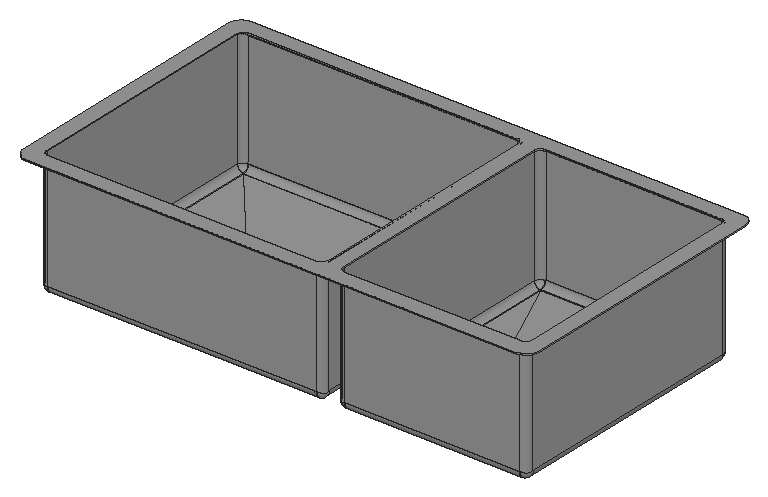
Revit family "BUILDMAT-SNGD015-Lincoln-825-Brass-Gold", category Plumbing Fixtures, host Face, Revit 2020
Family settings
  Host = Face
  Round Connector Dimension = Use Diameter
  Part Type = Normal
  Cut with Voids When Loaded = No
  Shared = No
  Room Calculation Point = No
Parameters (values of type "Lincoln 825x450x205mm")
  Width 2 = 300.0 mm
  Width 1 = 450.0 mm
  Undermount [instance] = 20.0 mm
  URL = "https://www.buildmat.com.au/products/825x450x205-single-3qtr-bowl-sink"
  Sound Pad 2 = yes
  Sound Pad 1 = yes
  Model = "SN101015"  # constant formula
  Manufacturer URL = "https://www.buildmat.com.au/"
  Manufacturer = "BUILDMAT"  # constant formula
  Length = 400.0 mm
  Gap = 25.0 mm
  Drain Sound Pad 2 = yes
  Drain Sound Pad 1 = yes
  Description = "BUILDMAT - Lincoln 825x450 Single & 3/4 Bowl Sink"  # constant formula
  Depth = 205.0 mm
  Default Elevation = 1200.0 mm
  D. S. Pad 2 = 230.0 mm
  D. S. Pad 1 = 230.0 mm
  D. Bracket 4 = 100.0 mm
  D. Bracket 3 = 25.0 mm
  D. Bracket 2 = 30.0 mm
  D. Bracket 1 = 100.0 mm
  Created By URL = "https://www.buildmat.com.au/"
  Created By = "BUILDMAT"  # constant formula
  Created = "22.06.2022"  # constant formula
  Bracket 4 = yes
  Bracket 3 = no
  Bracket 2 = yes
  Bracket 1 = yes
  Material = BUILDMAT Brass Gold
Reference planes
  plane 1 "Center (Front/Back)": y = 0
  plane 2: z = 0
  plane 3 "Center (Left/Right)": x = 0
  plane 4: x = -12.5
  plane 5: x = 12.5
  plane 6: x = -462.5
  plane 7: x = 312.5
  plane 8: y = -200
  plane 9: y = 200
  plane 10: x = -487.5
  plane 11: x = 337.5
  plane 12: y = -225
  plane 13: y = 225
  plane 14: x = 162.5
  plane 15: x = -237.5
  plane 16: y = 190
  plane 17: y = -190
  plane 18: x = -452.5
  plane 19: x = -22.5
  plane 20: x = 22.5
  plane 21: x = 302.5
  plane 22: y = 201.5
  plane 23: y = -201.5
  plane 24: x = -464
  plane 25: x = -11
  plane 26: x = 11
  plane 27: x = 314
  plane 28: x = -294.5
  plane 29: x = -180.5
  plane 30: x = -192.5
  plane 31: x = -282.5
  plane 32: x = 105.5
  plane 33: x = 117.5
  plane 34: x = 207.5
  plane 35: x = 219.5
  plane 36 "Sound Pad 1": x = -232.5
  plane 37 "Sound Pad 2": x = 82.5
  plane 38 "Top Substrate": z = -20
  plane 39: z = -18.5
  plane 40 "Bottom Void": z = -225
  plane 41: z = -215
  plane 42: z = -205
  plane 43: z = -220
  plane 44: z = -221.481
  plane 45: z = -216.5
  plane 46 "Sound Pad": z = -125
  plane 47 "Bracket 1": x = -362.5
  plane 48 "Bracket 2": x = -42.5
  plane 49 "Bracket 3": x = 37.5
  plane 50 "Bracket 4": x = 212.5
  plane 51: y = 100
  plane 52: y = -100
  plane 53: x = -337.5
  plane 54: x = -137.5
  plane 55: x = 62.5
  plane 56: x = 262.5
  plane 57: z = -185
  plane 58: z = -165
Forms (mm)
  Extrusion 1, void
    sketch origin (0, 0, 0) x (1, 0, 0) y (0, 1, 0)
      loop
        arc (-452.5, 200) -> (-459.571, 197.071) -> (-462.5, 190) r 10
        line (-462.5, 190) -> (-462.5, -190)
        arc (-462.5, -190) -> (-459.571, -197.071) -> (-452.5, -200) r 10
        line (-452.5, -200) -> (302.5, -200)
        arc (302.5, -200) -> (309.571, -197.071) -> (312.5, -190) r 10
        line (312.5, -190) -> (312.5, 190)
        arc (312.5, 190) -> (309.571, 197.071) -> (302.5, 200) r 10
        line (302.5, 200) -> (-452.5, 200)
    from 0 to -18.5
  Extrusion 2, void
    sketch origin (0, 0, 0) x (1, 0, 0) y (0, 1, 0)
      loop
        arc (-467.5, 225) -> (-481.642, 219.142) -> (-487.5, 205) r 20
        line (-487.5, 205) -> (-487.5, -205)
        arc (-487.5, -205) -> (-481.642, -219.142) -> (-467.5, -225) r 20
        line (-467.5, -225) -> (317.5, -225)
        arc (317.5, -225) -> (331.642, -219.142) -> (337.5, -205) r 20
        line (337.5, -205) -> (337.5, 205)
        arc (337.5, 205) -> (331.642, 219.142) -> (317.5, 225) r 20
        line (317.5, 225) -> (-467.5, 225)
    from -20 to -18.5
  Extrusion 3, void
    sketch origin (0, 0, 0) x (1, 0, 0) y (0, 1, 0)
      loop
        line (-464, 201.5) -> (-464, -201.5) -> (314, -201.5) -> (314, 201.5) -> (-464, 201.5)
    from -225 to -20
  Extrusion 4, solid, material "BUILDMAT Brass Gold" <- "Material"
    sketch origin (0, 0, -20) x (-1, 0, 0) y (0, -1, 0)
      loop
        arc (467.5, -225) -> (481.642, -219.142) -> (487.5, -205) r 20
        line (487.5, -205) -> (487.5, 205)
        arc (487.5, 205) -> (481.642, 219.142) -> (467.5, 225) r 20
        line (467.5, 225) -> (-317.5, 225)
        arc (-317.5, 225) -> (-331.642, 219.142) -> (-337.5, 205) r 20
        line (-337.5, 205) -> (-337.5, -205)
        arc (-337.5, -205) -> (-331.642, -219.142) -> (-317.5, -225) r 20
        line (-317.5, -225) -> (467.5, -225)
      loop
        arc (452.5, -200) -> (459.571, -197.071) -> (462.5, -190) r 10
        line (462.5, -190) -> (462.5, 190)
        arc (462.5, 190) -> (459.571, 197.071) -> (452.5, 200) r 10
        line (452.5, 200) -> (22.5, 200)
        arc (22.5, 200) -> (15.429, 197.071) -> (12.5, 190) r 10
        line (12.5, 190) -> (12.5, -190)
        arc (12.5, -190) -> (15.429, -197.071) -> (22.5, -200) r 10
        line (22.5, -200) -> (452.5, -200)
      loop
        line (-12.5, -190) -> (-12.5, 190)
        arc (-12.5, 190) -> (-15.429, 197.071) -> (-22.5, 200) r 10
        line (-22.5, 200) -> (-302.5, 200)
        arc (-302.5, 200) -> (-309.571, 197.071) -> (-312.5, 190) r 10
        line (-312.5, 190) -> (-312.5, -190)
        arc (-312.5, -190) -> (-309.571, -197.071) -> (-302.5, -200) r 10
        line (-302.5, -200) -> (-22.5, -200)
        arc (-22.5, -200) -> (-15.429, -197.071) -> (-12.5, -190) r 10
    from 0 to 1.5
  Extrusion 5, solid, material "BUILDMAT Brass Gold" <- "Material"
    sketch origin (0, 0, -20) x (-1, 0, 0) y (0, -1, 0)
      loop
        arc (452.5, -200) -> (459.571, -197.071) -> (462.5, -190) r 10
        line (462.5, -190) -> (462.5, 190)
        arc (462.5, 190) -> (459.571, 197.071) -> (452.5, 200) r 10
        line (452.5, 200) -> (22.5, 200)
        arc (22.5, 200) -> (15.429, 197.071) -> (12.5, 190) r 10
        line (12.5, 190) -> (12.5, -190)
        arc (12.5, -190) -> (15.429, -197.071) -> (22.5, -200) r 10
        line (22.5, -200) -> (452.5, -200)
      loop
        arc (452.5, -201.5) -> (460.632, -198.132) -> (464, -190) r 11.5
        line (464, -190) -> (464, 190)
        arc (464, 190) -> (460.632, 198.132) -> (452.5, 201.5) r 11.5
        line (452.5, 201.5) -> (22.5, 201.5)
        arc (22.5, 201.5) -> (14.368, 198.132) -> (11, 190) r 11.5
        line (11, 190) -> (11, -190)
        arc (11, -190) -> (14.368, -198.132) -> (22.5, -201.5) r 11.5
        line (22.5, -201.5) -> (452.5, -201.5)
    from 0 to -185
  Extrusion 6, solid, material "BUILDMAT Brass Gold" <- "Material"
    sketch origin (0, 0, -20) x (-1, 0, 0) y (0, -1, 0)
      loop
        arc (-22.5, -200) -> (-15.429, -197.071) -> (-12.5, -190) r 10
        line (-12.5, -190) -> (-12.5, 190)
        arc (-12.5, 190) -> (-15.429, 197.071) -> (-22.5, 200) r 10
        line (-22.5, 200) -> (-302.5, 200)
        arc (-302.5, 200) -> (-309.571, 197.071) -> (-312.5, 190) r 10
        line (-312.5, 190) -> (-312.5, -190)
        arc (-312.5, -190) -> (-309.571, -197.071) -> (-302.5, -200) r 10
        line (-302.5, -200) -> (-22.5, -200)
      loop
        line (-11, -190) -> (-11, 190)
        arc (-11, 190) -> (-14.368, 198.132) -> (-22.5, 201.5) r 11.5
        line (-22.5, 201.5) -> (-302.5, 201.5)
        arc (-302.5, 201.5) -> (-310.632, 198.132) -> (-314, 190) r 11.5
        line (-314, 190) -> (-314, -190)
        arc (-314, -190) -> (-310.632, -198.132) -> (-302.5, -201.5) r 11.5
        line (-302.5, -201.5) -> (-22.5, -201.5)
        arc (-22.5, -201.5) -> (-14.368, -198.132) -> (-11, -190) r 11.5
    from 0 to -185
  Extrusion 7, solid, material "BUILDMAT Brass Gold" <- "Material"
    sketch origin (0, 0, 0) x (1, 0, 0) y (0, 0, 1)
      loop
        line (-462.5, -205) -> (-464, -205)
        arc (-464, -205) -> (-460.632, -213.132) -> (-452.5, -216.5) r 11.5
        line (-452.5, -216.5) -> (-452.5, -215)
        arc (-452.5, -215) -> (-459.571, -212.071) -> (-462.5, -205) r 10
    from -190 to 190
  Extrusion 8, solid, material "BUILDMAT Brass Gold" <- "Material"
    sketch origin (0, 0, 0) x (1, 0, 0) y (0, 0, 1)
      loop
        arc (-12.5, -205) -> (-15.429, -212.071) -> (-22.5, -215) r 10
        line (-22.5, -215) -> (-22.5, -216.5)
        arc (-22.5, -216.5) -> (-14.368, -213.132) -> (-11, -205) r 11.5
        line (-11, -205) -> (-12.5, -205)
    from -190 to 190
  Extrusion 9, solid, material "BUILDMAT Brass Gold" <- "Material"
    sketch origin (0, 0, 0) x (1, 0, 0) y (0, 0, 1)
      loop
        line (12.5, -205) -> (11, -205)
        arc (11, -205) -> (14.368, -213.132) -> (22.5, -216.5) r 11.5
        line (22.5, -216.5) -> (22.5, -215)
        arc (22.5, -215) -> (15.429, -212.071) -> (12.5, -205) r 10
    from -190 to 190
  Extrusion 10, solid, material "BUILDMAT Brass Gold" <- "Material"
    sketch origin (0, 0, 0) x (1, 0, 0) y (0, 0, 1)
      loop
        arc (312.5, -205) -> (309.571, -212.071) -> (302.5, -215) r 10
        line (302.5, -215) -> (302.5, -216.5)
        arc (302.5, -216.5) -> (310.632, -213.132) -> (314, -205) r 11.5
        line (314, -205) -> (312.5, -205)
    from -190 to 190
  Extrusion 11, solid, material "BUILDMAT Brass Gold" <- "Material"
    sketch origin (0, 0, 0) x (0, 1, 0) y (0, 0, 1)
      loop
        line (201.5, -205) -> (200, -205)
        arc (200, -205) -> (197.071, -212.071) -> (190, -215) r 10
        line (190, -215) -> (190, -216.5)
        arc (190, -216.5) -> (198.132, -213.132) -> (201.5, -205) r 11.5
    from 22.5 to 302.5
  Extrusion 12, solid, material "BUILDMAT Brass Gold" <- "Material"
    sketch origin (0, 0, 0) x (0, 1, 0) y (0, 0, 1)
      loop
        line (-200, -205) -> (-201.5, -205)
        arc (-201.5, -205) -> (-198.132, -213.132) -> (-190, -216.5) r 11.5
        line (-190, -216.5) -> (-190, -215)
        arc (-190, -215) -> (-197.071, -212.071) -> (-200, -205) r 10
    from 22.5 to 302.5
  Extrusion 13, solid, material "BUILDMAT Brass Gold" <- "Material"
    sketch origin (0, 0, 0) x (0, 1, 0) y (0, 0, 1)
      loop
        arc (200, -205) -> (197.071, -212.071) -> (190, -215) r 10
        line (190, -215) -> (190, -216.5)
        arc (190, -216.5) -> (198.132, -213.132) -> (201.5, -205) r 11.5
        line (201.5, -205) -> (200, -205)
    from -452.5 to -22.5
  Extrusion 14, solid, material "BUILDMAT Brass Gold" <- "Material"
    sketch origin (0, 0, 0) x (0, 1, 0) y (0, 0, 1)
      loop
        line (-200, -205) -> (-201.5, -205)
        arc (-201.5, -205) -> (-198.132, -213.132) -> (-190, -216.5) r 11.5
        line (-190, -216.5) -> (-190, -215)
        arc (-190, -215) -> (-197.071, -212.071) -> (-200, -205) r 10
    from -452.5 to -22.5
  Revolve 15, solid, material "BUILDMAT Brass Gold" <- "Material"
    sketch origin (-423.435, 190, 4000) x (-1, 0, 0) y (0, 0, 1)
      loop
        arc (39.065, -4205) -> (36.136, -4212.071) -> (29.065, -4215) r 10
        line (29.065, -4215) -> (29.065, -4216.5)
        arc (29.065, -4216.5) -> (37.196, -4213.132) -> (40.565, -4205) r 11.5
        line (40.565, -4205) -> (39.065, -4205)
      axis (29.065, -4205) -> (29.065, -4216.5)
    angle from -90 to 0
  Revolve 16, solid, material "BUILDMAT Brass Gold" <- "Material"
    sketch origin (-423.435, 190, 4000) x (-1, 0, 0) y (0, 0, 1)
      loop
        line (-410.935, -4205) -> (-412.435, -4205)
        arc (-412.435, -4205) -> (-409.067, -4213.132) -> (-400.935, -4216.5) r 11.5
        line (-400.935, -4216.5) -> (-400.935, -4215)
        arc (-400.935, -4215) -> (-408.006, -4212.071) -> (-410.935, -4205) r 10
      axis (-400.935, -4205) -> (-400.935, -4216.5)
    angle from -90 to 0
  Revolve 17, solid, material "BUILDMAT Brass Gold" <- "Material"
    sketch origin (-423.435, 190, 4000) x (-1, 0, 0) y (0, 0, 1)
      loop
        arc (-435.935, -4205) -> (-438.864, -4212.071) -> (-445.935, -4215) r 10
        line (-445.935, -4215) -> (-445.935, -4216.5)
        arc (-445.935, -4216.5) -> (-437.804, -4213.132) -> (-434.435, -4205) r 11.5
        line (-434.435, -4205) -> (-435.935, -4205)
      axis (-445.935, -4205) -> (-445.935, -4216.5)
    angle from -90 to 0
  Revolve 18, solid, material "BUILDMAT Brass Gold" <- "Material"
    sketch origin (-423.435, 190, 4000) x (-1, 0, 0) y (0, 0, 1)
      loop
        line (-735.935, -4205) -> (-737.435, -4205)
        arc (-737.435, -4205) -> (-734.067, -4213.132) -> (-725.935, -4216.5) r 11.5
        line (-725.935, -4216.5) -> (-725.935, -4215)
        arc (-725.935, -4215) -> (-733.006, -4212.071) -> (-735.935, -4205) r 10
      axis (-725.935, -4205) -> (-725.935, -4216.5)
    angle from -90 to 0
  Revolve 19, solid, material "BUILDMAT Brass Gold" <- "Material"
    sketch origin (-423.435, -190, 4000) x (-1, 0, 0) y (0, 0, 1)
      loop
        arc (39.065, -4205) -> (36.136, -4212.071) -> (29.065, -4215) r 10
        line (29.065, -4215) -> (29.065, -4216.5)
        arc (29.065, -4216.5) -> (37.196, -4213.132) -> (40.565, -4205) r 11.5
        line (40.565, -4205) -> (39.065, -4205)
      axis (29.065, -4205) -> (29.065, -4216.5)
    angle from 0 to 90
  Revolve 20, solid, material "BUILDMAT Brass Gold" <- "Material"
    sketch origin (-423.435, -190, 4000) x (-1, 0, 0) y (0, 0, 1)
      loop
        arc (-412.435, -4205) -> (-409.067, -4213.132) -> (-400.935, -4216.5) r 11.5
        line (-400.935, -4216.5) -> (-400.935, -4215)
        arc (-400.935, -4215) -> (-408.006, -4212.071) -> (-410.935, -4205) r 10
        line (-410.935, -4205) -> (-412.435, -4205)
      axis (-400.935, -4205) -> (-400.935, -4216.5)
    angle from 0 to 90
  Revolve 21, solid, material "BUILDMAT Brass Gold" <- "Material"
    sketch origin (-423.435, -190, 4000) x (-1, 0, 0) y (0, 0, 1)
      loop
        line (-434.435, -4205) -> (-435.935, -4205)
        arc (-435.935, -4205) -> (-438.864, -4212.071) -> (-445.935, -4215) r 10
        line (-445.935, -4215) -> (-445.935, -4216.5)
        arc (-445.935, -4216.5) -> (-437.804, -4213.132) -> (-434.435, -4205) r 11.5
      axis (-445.935, -4205) -> (-445.935, -4216.5)
    angle from 0 to 90
  Revolve 22, solid, material "BUILDMAT Brass Gold" <- "Material"
    sketch origin (-423.435, -190, 4000) x (-1, 0, 0) y (0, 0, 1)
      loop
        arc (-737.435, -4205) -> (-734.067, -4213.132) -> (-725.935, -4216.5) r 11.5
        line (-725.935, -4216.5) -> (-725.935, -4215)
        arc (-725.935, -4215) -> (-733.006, -4212.071) -> (-735.935, -4205) r 10
        line (-735.935, -4205) -> (-737.435, -4205)
      axis (-725.935, -4205) -> (-725.935, -4216.5)
    angle from 0 to 90
  Extrusion 23, solid, material "BUILDMAT Brass Gold" <- "Material"
    sketch origin (0, 0, -20) x (-1, 0, 0) y (0, -1, 0)
      loop
        line (22.5, -190) -> (452.5, -190) -> (452.5, 190) -> (22.5, 190) -> (22.5, -190)
    from -196.5 to -195
  Extrusion 24, solid, material "BUILDMAT Brass Gold" <- "Material"
    sketch origin (0, 0, -20) x (-1, 0, 0) y (0, -1, 0)
      loop
        line (-22.5, -190) -> (-22.5, 190) -> (-302.5, 190) -> (-302.5, -190) -> (-22.5, -190)
    from -196.5 to -195
  Blend 25, solid, material "BUILDMAT Brass Gold" <- "Material"
    base sketch origin (0, 0, -20) x (-1, 0, 0) y (0, -1, 0)
      loop
        circle (237.5, 0) r 57
    top sketch origin (0, 0, -20) x (-1, 0, 0) y (0, -1, 0)
      loop
        line (452.5, -190) -> (452.5, 190) -> (22.5, 190) -> (22.5, -190) -> (452.5, -190)
    from -201.481 to -196.5
  Blend 26, solid, material "BUILDMAT Brass Gold" <- "Material"
    base sketch origin (0, 0, -20) x (-1, 0, 0) y (0, -1, 0)
      loop
        circle (-162.5, 0) r 57
    top sketch origin (0, 0, -20) x (-1, 0, 0) y (0, -1, 0)
      loop
        line (-22.5, -190) -> (-22.5, 190) -> (-302.5, 190) -> (-302.5, -190) -> (-22.5, -190)
    from -201.481 to -196.5
  Blend 27, void
    base sketch origin (0, 0, -20) x (-1, 0, 0) y (0, -1, 0)
      loop
        circle (237.5, 0) r 57
    top sketch origin (0, 0, -20) x (-1, 0, 0) y (0, -1, 0)
      loop
        line (452.5, -190) -> (452.5, 190) -> (22.5, 190) -> (22.5, -190) -> (452.5, -190)
    from -200 to -195
  Blend 28, void
    base sketch origin (0, 0, -20) x (-1, 0, 0) y (0, -1, 0)
      loop
        circle (-162.5, 0) r 57
    top sketch origin (0, 0, -20) x (-1, 0, 0) y (0, -1, 0)
      loop
        line (-22.5, -190) -> (-22.5, 190) -> (-302.5, 190) -> (-302.5, -190) -> (-22.5, -190)
    from -200 to -195
  Extrusion 29, void
    sketch origin (0, 0, -225) x (-1, 0, 0) y (0, -1, 0)
      loop
        circle (237.5, 0) r 57
    from 0 to 5
  Extrusion 30, void
    sketch origin (0, 0, -225) x (-1, 0, 0) y (0, -1, 0)
      loop
        circle (-162.5, 0) r 57
    from 0 to 5
  Revolve 31, solid, material "BUILDMAT Brass Gold" <- "Material"
    sketch origin (0, 0, 0) x (1, 0, 0) y (0, 0, 1)
      loop
        spline (-294.5, -220) -> (-294.397, -220.653) -> (-294.091, -221.294) -> (-293.587, -221.913) -> (-292.892, -222.5) -> (-292.02, -223.044) -> (-290.985, -223.536) -> (-289.805, -223.967) -> (-288.5, -224.33) -> (-287.092, -224.619) -> (-285.606, -224.83) -> (-284.066, -224.957) -> (-282.5, -225)
        line (-282.5, -225) -> (-282.5, -223.5)
        spline (-282.5, -223.5) -> (-283.871, -223.47) -> (-285.218, -223.381) -> (-286.518, -223.234) -> (-287.75, -223.031) -> (-288.892, -222.777) -> (-289.925, -222.475) -> (-290.83, -222.131) -> (-291.593, -221.75) -> (-292.201, -221.339) -> (-292.642, -220.906) -> (-292.91, -220.457) -> (-293, -220)
        line (-293, -220) -> (-294.5, -220)
      axis (-237.5, -225) -> (-237.5, -220)
    angle from 0 to 360
  Revolve 32, solid, material "BUILDMAT Brass Gold" <- "Material"
    sketch origin (0, 0, 0) x (1, 0, 0) y (0, 0, 1)
      loop
        line (219.5, -220) -> (218, -220)
        spline (218, -220) -> (217.91, -220.457) -> (217.642, -220.906) -> (217.201, -221.339) -> (216.593, -221.75) -> (215.83, -222.131) -> (214.925, -222.475) -> (213.892, -222.777) -> (212.75, -223.031) -> (211.518, -223.234) -> (210.218, -223.381) -> (208.871, -223.47) -> (207.5, -223.5)
        line (207.5, -223.5) -> (207.5, -225)
        spline (207.5, -225) -> (209.066, -224.957) -> (210.606, -224.83) -> (212.092, -224.619) -> (213.5, -224.33) -> (214.805, -223.967) -> (215.985, -223.536) -> (217.02, -223.044) -> (217.892, -222.5) -> (218.587, -221.913) -> (219.091, -221.294) -> (219.397, -220.653) -> (219.5, -220)
      axis (162.5, -220) -> (162.5, -225)
    angle from 0 to 360
Cuts and joins
  Blend 27, Extrusion 29 cuts Extrusion 23
  Blend 27, Extrusion 29 cuts Blend 25
  joined: Extrusion 23, Blend 25
  Blend 28, Extrusion 30 cuts Extrusion 24
  Blend 28, Extrusion 30 cuts Blend 26
  joined: Extrusion 24, Blend 26
Lines and regions (mm)
  Masking region 1
    outline origin (0, 0, 0) x (1, 0, 0) y (0, 0, 1)
      loop
        line (-462.5, -20) -> (-462.5, -205)
        arc (-462.5, -205) -> (-459.791, -211.844) -> (-453.132, -214.98) r 10
        line (-453.132, -214.98) -> (-294.5, -220) -> (-180.5, -220) -> (-22.5, -215)
        arc (-22.5, -215) -> (-15.429, -212.071) -> (-12.5, -205) r 10
        line (-12.5, -205) -> (-12.5, -20) -> (-462.5, -20)
  Masking region 2
    outline origin (0, 0, 0) x (1, 0, 0) y (0, 0, 1)
      loop
        line (12.5, -20) -> (12.5, -205)
        arc (12.5, -205) -> (15.017, -211.633) -> (21.3, -214.928) r 10
        line (21.3, -214.928) -> (105.5, -220) -> (219.5, -220) -> (302.5, -215)
        arc (302.5, -215) -> (309.571, -212.071) -> (312.5, -205) r 10
        line (312.5, -205) -> (312.5, -20) -> (12.5, -20)
  Masking region 3, visible <- "Drain Sound Pad 1"
    outline origin (0, 0, 0) x (1, 0, 0) y (0, 0, 1)
      loop
        line (-294.5, -221.481) -> (-337.5, -220.126) -> (-337.5, -225) -> (-294.5, -225) -> (-294.5, -221.481)
  Masking region 4, visible <- "Drain Sound Pad 1"
    outline origin (0, 0, 0) x (1, 0, 0) y (0, 0, 1)
      loop
        line (-180.5, -221.481) -> (-180.5, -225) -> (-137.5, -225) -> (-137.5, -220.126) -> (-180.5, -221.481)
  Masking region 5, visible <- "Drain Sound Pad 2"
    outline origin (0, 0, 0) x (1, 0, 0) y (0, 0, 1)
      loop
        line (62.5, -218.901) -> (62.5, -225) -> (105.5, -225) -> (105.5, -221.481) -> (62.5, -218.901)
  Masking region 6, visible <- "Drain Sound Pad 2"
    outline origin (0, 0, 0) x (1, 0, 0) y (0, 0, 1)
      loop
        line (262.5, -218.901) -> (219.5, -221.481) -> (219.5, -225) -> (262.5, -225) -> (262.5, -218.901)
  Masking region 7
    outline origin (0, 0, 0) x (1, 0, 0) y (0, 0, 1)
      loop
        line (-11, -165) -> (-11, -185) -> (11, -185) -> (11, -165) -> (-11, -165)
Text (mm)
  text "Refer to www.buildmat.com.au for the most current product literature. \nAllow a +/- 5mm tolerance for dimensions shown in the product literature. \nPlease note product details are subject to change due to ongoing product development." at (0.056, -1035.857, 0), in view "Ref. Level"
Dimensions and locks
  equal spacing: plane 4, plane 3 "Center (Left/Right)", plane 5
  "Gap": plane 4 to plane 5
  "Width 1": plane 6 to plane 4
  "Width 2": plane 5 to plane 7
  equal spacing: plane 9, plane 1 "Center (Front/Back)", plane 8
  "Length": plane 8 to plane 9
  locked: plane 10 to plane 6 at 25
  locked: plane 7 to plane 11 at 25
  locked: plane 13 to plane 9 at 25
  locked: plane 8 to plane 12 at 25
  equal spacing: plane 5, plane 14, plane 7
  equal spacing: plane 6, plane 15, plane 4
  locked: plane 9 to plane 16 at 10
  locked: plane 17 to plane 8 at 10
  locked: plane 6 to plane 18 at 10
  locked: plane 19 to plane 4 at 10
  locked: plane 5 to plane 20 at 10
  locked: plane 21 to plane 7 at 10
  locked: plane 8 to plane 23 at 1.5
  locked: plane 22 to plane 9 at 1.5
  locked: plane 24 to plane 6 at 1.5
  locked: plane 4 to plane 25 at 1.5
  locked: plane 26 to plane 5 at 1.5
  locked: plane 7 to plane 27 at 1.5
  plane 28 to plane 15 to plane 29 = 57.0 mm locked, 57.0 mm locked
  plane 31 to plane 15 to plane 30 = 45.0 mm locked, 45.0 mm locked
  plane 32 to plane 14 to plane 35 = 57.0 mm locked, 57.0 mm locked
  plane 33 to plane 14 to plane 34 = 45.0 mm locked, 45.0 mm locked
  locked: plane 39 to plane 38 "Top Substrate" at 1.5
  plane 42 to plane 41 to plane 40 "Bottom Void" = 10.0 mm locked, 10.0 mm locked
  locked: plane 43 to plane 40 "Bottom Void" at 5
  locked: plane 43 to plane 44 at 1.481
  locked: plane 41 to plane 45 at 1.5
  locked: plane 46 "Sound Pad" to plane 40 "Bottom Void" at 100
  "Depth": plane 38 "Top Substrate" to plane 40 "Bottom Void"
  "Undermount": plane 2 to plane 38 "Top Substrate"
  "D. S. Pad 1": plane 36 "Sound Pad 1" to plane 6
  "D. S. Pad 2": plane 7 to plane 37 "Sound Pad 2"
  "D. Bracket 1": plane 47 "Bracket 1" to plane 6
  "D. Bracket 2": plane 4 to plane 48 "Bracket 2"
  "D. Bracket 3": plane 49 "Bracket 3" to plane 5
  "D. Bracket 4": plane 7 to plane 50 "Bracket 4"
  locked: plane 9 to plane 51 at 100
  locked: plane 52 to plane 8 at 100
  plane 54 to plane 15 to plane 53 = 100.0 mm locked, 100.0 mm locked
  plane 56 to plane 14 to plane 55 = 100.0 mm locked, 100.0 mm locked
  plane 58 to plane 57 to plane 42 = 20.0 mm locked, 20.0 mm locked
  aligned and locked: plane 2 to host face
  aligned and locked: level to host face
  aligned and locked: Extrusion 1 sketch curve to plane 9
  aligned and locked: Extrusion 1 sketch curve to plane 6
  aligned and locked: Extrusion 1 sketch curve to plane 7
  aligned and locked: Extrusion 1 sketch curve to plane 8
  aligned and locked: Extrusion 1 to level
  aligned and locked: Extrusion 1 to plane 39
  aligned and locked: Extrusion 2 sketch curve to plane 13
  aligned and locked: Extrusion 2 sketch curve to plane 10
  aligned and locked: Extrusion 2 sketch curve to plane 11
  aligned and locked: Extrusion 2 sketch curve to plane 12
  aligned and locked: Extrusion 2 to plane 38 "Top Substrate"
  aligned and locked: Extrusion 2 to plane 39
  aligned and locked: Extrusion 3 sketch curve to plane 22
  aligned and locked: Extrusion 3 sketch curve to plane 24
  aligned and locked: Extrusion 3 sketch curve to plane 27
  aligned and locked: Extrusion 3 sketch curve to plane 23
  aligned and locked: Extrusion 3 to plane 40 "Bottom Void"
  aligned and locked: plane 38 "Top Substrate" to Extrusion 3
  aligned and locked: Extrusion 4 sketch curve to plane 13
  aligned and locked: Extrusion 4 sketch curve to plane 10
  aligned and locked: Extrusion 4 sketch curve to plane 11
  aligned and locked: Extrusion 4 sketch curve to plane 12
  aligned and locked: Extrusion 4 sketch curve to plane 9  (x2)
  aligned and locked: Extrusion 4 sketch curve to plane 6
  aligned and locked: Extrusion 4 sketch curve to plane 8  (x2)
  aligned and locked: Extrusion 4 sketch curve to plane 4
  aligned and locked: Extrusion 4 sketch curve to plane 5
  aligned and locked: Extrusion 4 sketch curve to plane 7
  aligned and locked: Extrusion 4 to plane 38 "Top Substrate"
  aligned and locked: Extrusion 4 to plane 39
  aligned and locked: Extrusion 5 sketch curve to plane 9
  aligned and locked: Extrusion 5 sketch curve to plane 22
  aligned and locked: Extrusion 5 sketch curve to plane 6
  aligned and locked: Extrusion 5 sketch curve to plane 24
  aligned and locked: Extrusion 5 sketch curve to plane 25
  aligned and locked: Extrusion 5 sketch curve to plane 4
  aligned and locked: Extrusion 5 sketch curve to plane 23
  aligned and locked: Extrusion 5 sketch curve to plane 8
  aligned and locked: Extrusion 5 to plane 42
  aligned and locked: plane 38 "Top Substrate" to Extrusion 5
  aligned and locked: Extrusion 6 sketch curve to plane 9
  aligned and locked: Extrusion 6 sketch curve to plane 7
  aligned and locked: Extrusion 6 sketch curve to plane 8
  aligned and locked: Extrusion 6 sketch curve to plane 5
  aligned and locked: Extrusion 6 sketch curve to plane 26
  aligned and locked: Extrusion 6 sketch curve to plane 27
  aligned and locked: Extrusion 6 sketch curve to plane 22
  aligned and locked: Extrusion 6 sketch curve to plane 23
  aligned and locked: Extrusion 6 to plane 42
  aligned and locked: plane 38 "Top Substrate" to Extrusion 6
  aligned and locked: Extrusion 7 sketch curve to plane 42
  aligned and locked: Extrusion 7 sketch curve to plane 18
  aligned and locked: Extrusion 8 sketch curve to plane 42
  aligned and locked: Extrusion 8 sketch curve to plane 19
  aligned and locked: Extrusion 9 sketch curve to plane 42
  aligned and locked: Extrusion 9 sketch curve to plane 20
  aligned and locked: Extrusion 10 sketch curve to plane 21
  aligned and locked: plane 42 to Extrusion 10 sketch curve
  aligned and locked: plane 16 to Extrusion 10
  aligned and locked: plane 16 to Extrusion 9
  aligned and locked: plane 16 to Extrusion 8
  aligned and locked: plane 16 to Extrusion 7
  aligned and locked: Extrusion 10 to plane 17
  aligned and locked: Extrusion 9 to plane 17
  aligned and locked: Extrusion 8 to plane 17
  aligned and locked: Extrusion 7 to plane 17
  aligned and locked: plane 42 to Extrusion 11 sketch curve
  aligned and locked: plane 16 to Extrusion 11 sketch curve
  aligned and locked: plane 17 to Extrusion 12 sketch curve
  aligned and locked: plane 42 to Extrusion 12 sketch curve
  aligned and locked: plane 21 to Extrusion 11
  aligned and locked: plane 21 to Extrusion 12
  aligned and locked: Extrusion 11 to plane 20
  aligned and locked: Extrusion 12 to plane 20
  aligned and locked: plane 16 to Extrusion 13 sketch curve
  aligned and locked: plane 42 to Extrusion 13 sketch curve
  aligned and locked: plane 17 to Extrusion 14 sketch curve
  aligned and locked: plane 42 to Extrusion 14 sketch curve
  aligned and locked: Extrusion 14 to plane 18
  aligned and locked: plane 19 to Extrusion 14
  aligned and locked: Extrusion 13 to plane 18
  aligned and locked: plane 19 to Extrusion 13
  aligned and locked: Revolve 15 sketch curve to plane 18
  aligned and locked: Revolve 15 sketch curve to plane 42
  aligned and locked: plane 18 to Revolve 15 sketch curve
  aligned and locked: plane 18 to Revolve 15
  aligned and locked: plane 16 to Revolve 15
  aligned and locked: Revolve 16 sketch curve to plane 19
  aligned and locked: plane 19 to Revolve 16 sketch curve
  aligned and locked: plane 42 to Revolve 16 sketch curve
  aligned and locked: Revolve 16 to plane 19
  aligned and locked: plane 16 to Revolve 16
  aligned and locked: Revolve 17 sketch curve to plane 20
  aligned and locked: plane 42 to Revolve 17 sketch curve
  aligned and locked: plane 20 to Revolve 17 sketch curve
  aligned and locked: plane 20 to Revolve 17
  aligned and locked: plane 16 to Revolve 17
  aligned and locked: Revolve 18 sketch curve to plane 21
  aligned and locked: plane 21 to Revolve 18 sketch curve
  aligned and locked: plane 42 to Revolve 18 sketch curve
  aligned and locked: Revolve 18 to plane 21
  aligned and locked: Revolve 18 to plane 16
  aligned and locked: Revolve 19 sketch curve to plane 18
  aligned and locked: Revolve 19 sketch curve to plane 42
  aligned and locked: plane 18 to Revolve 19 sketch curve
  aligned and locked: Revolve 19 to plane 18
  aligned and locked: plane 17 to Revolve 19
  aligned and locked: Revolve 20 sketch curve to plane 19
  aligned and locked: plane 42 to Revolve 20 sketch curve
  aligned and locked: plane 19 to Revolve 20 sketch curve
  aligned and locked: plane 19 to Revolve 20
  aligned and locked: plane 17 to Revolve 20
  aligned and locked: Revolve 21 sketch curve to plane 20
  aligned and locked: plane 42 to Revolve 21 sketch curve
  aligned and locked: plane 20 to Revolve 21 sketch curve
  aligned and locked: Revolve 21 to plane 20
  aligned and locked: plane 17 to Revolve 21
  aligned and locked: Revolve 22 sketch curve to plane 21
  aligned and locked: plane 42 to Revolve 22 sketch curve
  aligned and locked: plane 21 to Revolve 22 sketch curve
  aligned and locked: Revolve 22 to plane 17
  aligned and locked: plane 21 to Revolve 22
  aligned and locked: Extrusion 23 sketch curve to plane 19
  aligned and locked: Extrusion 23 sketch curve to plane 18
  aligned and locked: Extrusion 23 sketch curve to plane 16
  aligned and locked: Extrusion 23 sketch curve to plane 17
  aligned and locked: Extrusion 23 to plane 45
  aligned and locked: plane 41 to Extrusion 23
  aligned and locked: Extrusion 24 sketch curve to plane 16
  aligned and locked: Extrusion 24 sketch curve to plane 17
  aligned and locked: Extrusion 24 sketch curve to plane 21
  aligned and locked: Extrusion 24 sketch curve to plane 20
  aligned and locked: Extrusion 24 to plane 45
  aligned and locked: Extrusion 24 to plane 41
  aligned and locked: plane 44 to Blend 25
  aligned and locked: plane 45 to Blend 25
  aligned and locked: plane 44 to Blend 26
  aligned and locked: Blend 26 to plane 45
  aligned and locked: Blend 25 sketch curve to plane 16
  aligned and locked: Blend 25 sketch curve to plane 17
  aligned and locked: Blend 25 sketch curve to plane 18
  aligned and locked: Blend 25 sketch curve to plane 19
  aligned and locked: Blend 26 sketch curve to plane 16
  aligned and locked: Blend 26 sketch curve to plane 17
  aligned and locked: Blend 26 sketch curve to plane 21
  aligned and locked: Blend 26 sketch curve to plane 20
  aligned and locked: Blend 27 sketch curve to plane 16
  aligned and locked: Blend 27 sketch curve to plane 17
  aligned and locked: Blend 27 sketch curve to plane 18
  aligned and locked: Blend 27 sketch curve to plane 19
  aligned and locked: Blend 27 to plane 43
  aligned and locked: plane 41 to Blend 27
  aligned and locked: Blend 28 sketch curve to plane 16
  aligned and locked: Blend 28 sketch curve to plane 17
  aligned and locked: Blend 28 sketch curve to plane 21
  aligned and locked: Blend 28 sketch curve to plane 20
  aligned and locked: Blend 28 to plane 43
  aligned and locked: Blend 28 to plane 41
  aligned and locked: Extrusion 29 to plane 40 "Bottom Void"
  aligned and locked: plane 43 to Extrusion 29
  aligned and locked: Extrusion 30 to plane 40 "Bottom Void"
  aligned and locked: plane 43 to Extrusion 30
  aligned and locked: plane 15 to Revolve 31 sketch curve
  aligned and locked: Revolve 31 sketch curve to plane 43
  aligned and locked: plane 31 to Revolve 31 sketch curve
  aligned and locked: Revolve 32 sketch curve to plane 14
  aligned and locked: plane 34 to Revolve 32 sketch curve
  aligned and locked: plane 43 to Revolve 32 sketch curve
  aligned and locked: plane 18 to nested 1
  aligned and locked: plane 19 to nested 1
  aligned and locked: plane 17 to nested 1
  aligned and locked: plane 16 to nested 1
  aligned and locked: plane 20 to nested 2
  aligned and locked: plane 21 to nested 2
  aligned and locked: nested 2 to plane 17
  aligned and locked: nested 2 to plane 16
  aligned and locked: plane 14 to nested 4
  aligned and locked: plane 15 to nested 3
  aligned and locked: plane 1 "Center (Front/Back)" to nested 3
  aligned and locked: plane 1 "Center (Front/Back)" to nested 4
  aligned and locked: plane 51 to nested 5
  aligned and locked: plane 24 to nested 5
  aligned and locked: plane 52 to nested 6
  aligned and locked: plane 24 to nested 6
  aligned and locked: plane 51 to nested 7
  aligned and locked: plane 52 to nested 8
  aligned and locked: nested 8 to plane 27
  aligned and locked: nested 7 to plane 27
  aligned and locked: nested 13 to plane 47 "Bracket 1"
  aligned and locked: nested 14 to plane 48 "Bracket 2"
  aligned and locked: plane 23 to nested 13
  aligned and locked: plane 23 to nested 14
  aligned and locked: nested 15 to plane 49 "Bracket 3"
  aligned and locked: plane 23 to nested 15
  aligned and locked: nested 16 to plane 50 "Bracket 4"
  aligned and locked: plane 23 to nested 16
  aligned and locked: plane 47 "Bracket 1" to nested 9
  aligned and locked: nested 9 to plane 22
  aligned and locked: plane 48 "Bracket 2" to nested 10
  aligned and locked: nested 10 to plane 22
  aligned and locked: plane 49 "Bracket 3" to nested 11
  aligned and locked: plane 50 "Bracket 4" to nested 12
  aligned and locked: nested 12 to plane 22
  aligned and locked: nested 11 to plane 22
  aligned and locked: Masking region 1 sketch curve to plane 38 "Top Substrate"
  aligned and locked: Masking region 1 sketch curve to plane 6
  aligned and locked: Masking region 1 sketch curve to plane 4
  aligned and locked: Masking region 1 sketch curve to Extrusion 7
  aligned and locked: Masking region 1 sketch curve to Extrusion 8
  aligned and locked: Masking region 1 sketch curve to plane 43
  aligned and locked: Masking region 1 sketch curve to cut or joined group of Extrusion 23, Blend 25, Blend 27, Extrusion 29  (x2)
  aligned and locked: Masking region 2 sketch curve to plane 38 "Top Substrate"
  aligned and locked: Masking region 2 sketch curve to plane 43
  aligned and locked: Masking region 2 sketch curve to plane 7
  aligned and locked: Masking region 2 sketch curve to plane 5
  aligned and locked: Masking region 2 sketch curve to Extrusion 9
  aligned and locked: Masking region 2 sketch curve to cut or joined group of Extrusion 24, Blend 26, Blend 28, Extrusion 30  (x2)
  aligned and locked: Masking region 2 sketch curve to Extrusion 10
  aligned and locked: nested 17 to plane 38 "Top Substrate"
  aligned and locked: plane 47 "Bracket 1" to nested 17
  aligned and locked: nested 18 to plane 38 "Top Substrate"
  aligned and locked: plane 48 "Bracket 2" to nested 18
  aligned and locked: nested 20 to plane 38 "Top Substrate"
  aligned and locked: plane 50 "Bracket 4" to nested 20
  aligned and locked: nested 19 to plane 38 "Top Substrate"
  aligned and locked: plane 49 "Bracket 3" to nested 19
  aligned and locked: nested 21 to plane 46 "Sound Pad"
  aligned and locked: plane 36 "Sound Pad 1" to nested 21
  aligned and locked: nested 22 to plane 46 "Sound Pad"
  aligned and locked: plane 37 "Sound Pad 2" to nested 22
  aligned and locked: Masking region 3 sketch curve to plane 28
  aligned and locked: cut or joined group of Extrusion 23, Blend 25, Blend 27, Extrusion 29 to Masking region 3 sketch curve
  aligned and locked: Masking region 3 sketch curve to plane 40 "Bottom Void"
  aligned and locked: Masking region 3 sketch curve to plane 53
  aligned and locked: Masking region 4 sketch curve to plane 29
  aligned and locked: Masking region 4 sketch curve to plane 54
  aligned and locked: Masking region 4 sketch curve to plane 40 "Bottom Void"
  aligned and locked: Masking region 4 sketch curve to cut or joined group of Extrusion 23, Blend 25, Blend 27, Extrusion 29
  aligned and locked: cut or joined group of Extrusion 24, Blend 26, Blend 28, Extrusion 30 to Masking region 5 sketch curve
  aligned and locked: Masking region 5 sketch curve to plane 55
  aligned and locked: Masking region 5 sketch curve to plane 32
  aligned and locked: Masking region 5 sketch curve to plane 40 "Bottom Void"
  aligned and locked: Masking region 6 sketch curve to plane 56
  aligned and locked: Masking region 6 sketch curve to plane 35
  aligned and locked: Masking region 6 sketch curve to cut or joined group of Extrusion 24, Blend 26, Blend 28, Extrusion 30
  aligned and locked: Masking region 6 sketch curve to plane 40 "Bottom Void"
  aligned and locked: Masking region 7 sketch curve to plane 58
  aligned and locked: Masking region 7 sketch curve to plane 57
  aligned and locked: Masking region 7 sketch curve to plane 25
  aligned and locked: Masking region 7 sketch curve to plane 26
Automatic sketch dimensions
  host sketch curve to host sketch curve = 2438.4 mm  (x2)
  Extrusion 1 sketch curve to plane 17 = 0.0 mm
  Extrusion 1 sketch curve to plane 18 = 0.0 mm
  Extrusion 1 sketch curve to plane 21 = 0.0 mm
  Extrusion 1 sketch curve to plane 16 = 0.0 mm
  Extrusion 2 sketch curve to plane 24 = 3.5 mm
  Extrusion 2 sketch curve to plane 23 = 3.5 mm
  plane 22 to Extrusion 2 sketch curve = 3.5 mm
  plane 27 to Extrusion 2 sketch curve = 3.5 mm
  Extrusion 4 sketch curve to plane 21 = 0.0 mm
  Extrusion 4 sketch curve to plane 16 = 0.0 mm  (x2)
  Extrusion 4 sketch curve to plane 20 = 0.0 mm
  Extrusion 4 sketch curve to plane 19 = 0.0 mm  (x2)
  Extrusion 4 sketch curve to plane 18 = 0.0 mm  (x2)
  plane 27 to Extrusion 4 sketch curve = 3.5 mm  (x2)
  Extrusion 4 sketch curve to plane 24 = 3.5 mm
  plane 22 to Extrusion 4 sketch curve = 3.5 mm
  Extrusion 5 sketch curve to plane 19 = 0.0 mm
  Extrusion 5 sketch curve to plane 18 = 0.0 mm  (x2)
  Extrusion 5 sketch curve to plane 17 = 0.0 mm
  Extrusion 5 sketch curve to Extrusion 5 sketch curve = 0.0 mm  (x4)
  Extrusion 6 sketch curve to plane 21 = 0.0 mm
  Extrusion 6 sketch curve to plane 20 = 0.0 mm  (x2)
  Extrusion 6 sketch curve to plane 16 = 0.0 mm
  Extrusion 6 sketch curve to Extrusion 6 sketch curve = 0.0 mm  (x4)
  Extrusion 7 sketch curve to plane 6 = 0.0 mm
  Extrusion 7 sketch curve to plane 45 = 0.0 mm
  Extrusion 8 sketch curve to plane 4 = 0.0 mm
  Extrusion 8 sketch curve to plane 45 = 0.0 mm
  Extrusion 9 sketch curve to plane 5 = 0.0 mm
  Extrusion 9 sketch curve to plane 45 = 0.0 mm
  Extrusion 10 sketch curve to plane 7 = 0.0 mm
  Extrusion 10 sketch curve to plane 45 = 0.0 mm
  Extrusion 11 sketch curve to plane 9 = 0.0 mm
  Extrusion 11 sketch curve to plane 45 = 0.0 mm
  Extrusion 12 sketch curve to plane 8 = 0.0 mm
  Extrusion 12 sketch curve to plane 45 = 0.0 mm
  Extrusion 13 sketch curve to plane 9 = 0.0 mm
  Extrusion 13 sketch curve to plane 45 = 0.0 mm
  Extrusion 14 sketch curve to plane 8 = 0.0 mm
  Extrusion 14 sketch curve to plane 45 = 0.0 mm
  Revolve 15 sketch curve to plane 6 = 0.0 mm
  Revolve 15 sketch curve to plane 45 = 0.0 mm  (x2)
  Revolve 15 sketch curve to plane 42 = 0.0 mm
  Revolve 16 sketch curve to plane 4 = 0.0 mm
  Revolve 16 sketch curve to plane 45 = 0.0 mm  (x2)
  Revolve 16 sketch curve to plane 42 = 0.0 mm
  Revolve 17 sketch curve to plane 5 = 0.0 mm
  Revolve 17 sketch curve to plane 45 = 0.0 mm  (x2)
  Revolve 17 sketch curve to plane 42 = 0.0 mm
  Revolve 18 sketch curve to plane 7 = 0.0 mm
  Revolve 18 sketch curve to plane 45 = 0.0 mm  (x2)
  Revolve 18 sketch curve to plane 42 = 0.0 mm
  Revolve 19 sketch curve to plane 6 = 0.0 mm
  Revolve 19 sketch curve to plane 45 = 0.0 mm  (x2)
  Revolve 19 sketch curve to plane 42 = 0.0 mm
  Revolve 20 sketch curve to plane 4 = 0.0 mm
  Revolve 20 sketch curve to plane 45 = 0.0 mm  (x2)
  Revolve 20 sketch curve to plane 42 = 0.0 mm
  Revolve 21 sketch curve to plane 5 = 0.0 mm
  Revolve 21 sketch curve to plane 45 = 0.0 mm  (x2)
  Revolve 21 sketch curve to plane 42 = 0.0 mm
  Revolve 22 sketch curve to plane 7 = 0.0 mm
  Revolve 22 sketch curve to plane 45 = 0.0 mm  (x2)
  Revolve 22 sketch curve to plane 42 = 0.0 mm
  plane 1 "Center (Front/Back)" to Blend 25 sketch curve = 0.0 mm
  Blend 25 sketch curve to plane 15 = 0.0 mm
  plane 1 "Center (Front/Back)" to Blend 26 sketch curve = 0.0 mm
  Blend 26 sketch curve to plane 14 = 0.0 mm
  plane 1 "Center (Front/Back)" to Blend 27 sketch curve = 0.0 mm
  Blend 27 sketch curve to plane 15 = 0.0 mm
  plane 1 "Center (Front/Back)" to Blend 28 sketch curve = 0.0 mm
  Blend 28 sketch curve to plane 14 = 0.0 mm
  plane 1 "Center (Front/Back)" to Extrusion 29 sketch curve = 0.0 mm
  Extrusion 29 sketch curve to plane 15 = 0.0 mm
  plane 1 "Center (Front/Back)" to Extrusion 30 sketch curve = 0.0 mm
  Extrusion 30 sketch curve to plane 14 = 0.0 mm
  Revolve 31 sketch curve to plane 28 = 0.0 mm
  Revolve 31 sketch curve to plane 40 "Bottom Void" = 0.0 mm
  Revolve 31 sketch curve to plane 42 = 0.0 mm
  plane 28 to Revolve 31 sketch curve = 1.5 mm
  Revolve 31 sketch curve to Revolve 31 sketch curve = 1.5 mm
  plane 40 "Bottom Void" to Revolve 31 sketch curve = 0.0 mm
  Revolve 32 sketch curve to plane 35 = 0.0 mm
  Revolve 32 sketch curve to plane 40 "Bottom Void" = 0.0 mm
  Revolve 32 sketch curve to plane 42 = 0.0 mm
  Revolve 32 sketch curve to Revolve 32 sketch curve = 1.5 mm  (x2)
  plane 40 "Bottom Void" to Revolve 32 sketch curve = 0.0 mm
  radius of Blend 25 sketch curve = 57.0 mm
  radius of Blend 26 sketch curve = 57.0 mm
  radius of Blend 27 sketch curve = 57.0 mm
  radius of Blend 28 sketch curve = 57.0 mm
  radius of Extrusion 29 sketch curve = 57.0 mm
  radius of Extrusion 30 sketch curve = 57.0 mm
Nested families
  nested 1: "BOWL Plan" at (-237.5, 0, -125), type "BOWL Plan"
    with Width 430.0 mm, Lenght 380.0 mm
  nested 2: "BOWL Plan" at (162.5, 0, -125), type "BOWL Plan"
    with Width 280.0 mm, Lenght 380.0 mm
  nested 3: "DRAIN" at (-237.5, 0, -20), type "DRAIN"
  nested 4: "DRAIN" at (162.5, 0, -20), type "DRAIN"
  nested 5: "TMB_Plan" at (-464, 100, -225) x (0, 1, 0) z (0, 0, 1), type "TMB_Plan"
  nested 6: "TMB_Plan" at (-464, -100, -225) x (0, 1, 0) z (0, 0, 1), type "TMB_Plan"
  nested 7: "TMB_Plan" at (314, 100, -225) x (0, -1, 0) z (0, 0, 1), type "TMB_Plan"
  nested 8: "TMB_Plan" at (314, -100, -225) x (0, -1, 0) z (0, 0, 1), type "TMB_Plan"
  nested 9: "TMB_Plan" at (-362.5, 201.5, -225), visible <- "Bracket 1", type "TMB_Plan"
  nested 10: "TMB_Plan" at (-42.5, 201.5, -225), visible <- "Bracket 2", type "TMB_Plan"
  nested 11: "TMB_Plan" at (37.5, 201.5, -225), visible <- "Bracket 3", type "TMB_Plan"
  nested 12: "TMB_Plan" at (212.5, 201.5, -225), visible <- "Bracket 4", type "TMB_Plan"
  nested 13: "TMB_Plan" at (-362.5, -201.5, -225) x (-1, 0, 0) z (0, 0, 1), visible <- "Bracket 1", type "TMB_Plan"
  nested 14: "TMB_Plan" at (-42.5, -201.5, -225) x (-1, 0, 0) z (0, 0, 1), visible <- "Bracket 2", type "TMB_Plan"
  nested 15: "TMB_Plan" at (37.5, -201.5, -225) x (-1, 0, 0) z (0, 0, 1), visible <- "Bracket 3", type "TMB_Plan"
  nested 16: "TMB_Plan" at (212.5, -201.5, -225) x (-1, 0, 0) z (0, 0, 1), visible <- "Bracket 4", type "TMB_Plan"
  nested 17: "TMB_Front" at (-362.5, 0, -20) x (1, 0, 0) z (0, -1, 0), visible <- "Bracket 1", type "TMB_Front"
  nested 18: "TMB_Front" at (-42.5, 0, -20) x (1, 0, 0) z (0, -1, 0), visible <- "Bracket 2", type "TMB_Front"
  nested 19: "TMB_Front" at (37.5, 0, -20) x (1, 0, 0) z (0, -1, 0), visible <- "Bracket 3", type "TMB_Front"
  nested 20: "TMB_Front" at (212.5, 0, -20) x (1, 0, 0) z (0, -1, 0), visible <- "Bracket 4", type "TMB_Front"
  nested 21: "SP_Front" at (-232.5, 0, -125) x (1, 0, 0) z (0, -1, 0), visible <- "Sound Pad 1", type "SP_Front"
  nested 22: "SP_Front" at (82.5, 0, -125) x (1, 0, 0) z (0, -1, 0), visible <- "Sound Pad 2", type "SP_Front"
Definition of nested family "BOWL Plan"
  Parameters (values of type "BOWL Plan")
    Width [instance] = 600.0 mm
    Lenght [instance] = 400.0 mm
  Reference planes
    plane 1 "Center (Front/Back)": y = 0
    plane 2: z = 0
    plane 3 "Center (Left/Right)": x = 0
    plane 4 "Left": x = -300
    plane 5 "Right": x = 300
    plane 6 "Back": y = 200
    plane 7 "Front": y = -200
  Lines and regions (mm)
    Masking region 1, in view "Ref. Level"
      outline origin (0, 0, 0) x (1, 0, 0) y (0, 1, 0)
        loop
          line (-300, 200) -> (-300, -200) -> (300, -200) -> (300, 200) -> (-300, 200)
    detail lines, in view "Ref. Level"
      curve 1: line (-300, 200, 0) -> (300, -200, 0)
      curve 2: line (-300, -200, 0) -> (300, 200, 0)
  Dimensions and locks
    equal spacing: plane 6 "Back", plane 1 "Center (Front/Back)", plane 7 "Front"
    "Lenght": plane 6 "Back" to plane 7 "Front"
    equal spacing: plane 4 "Left", plane 3 "Center (Left/Right)", plane 5 "Right"
    "Width": plane 4 "Left" to plane 5 "Right"
    aligned and locked: plane 4 "Left" to Masking region 1 sketch curve
    aligned and locked: Masking region 1 sketch curve to plane 5 "Right"
    aligned and locked: plane 7 "Front" to Masking region 1 sketch curve
    aligned and locked: Masking region 1 sketch curve to plane 6 "Back"
  Automatic sketch dimensions
    curve 2 to plane 4 "Left" = 0.0 mm
    curve 1 to plane 4 "Left" = 0.0 mm
    curve 2 to plane 5 "Right" = 0.0 mm
    curve 1 to plane 5 "Right" = 0.0 mm
    curve 1 to plane 7 "Front" = 0.0 mm
    curve 2 to plane 7 "Front" = 0.0 mm
    curve 2 to plane 6 "Back" = 0.0 mm
    curve 1 to plane 6 "Back" = 0.0 mm
Definition of nested family "DRAIN"
  Reference planes
    plane 1 "Center (Front/Back)": y = 0
    plane 2: z = 0
    plane 3 "Center (Left/Right)": x = 0
  Lines and regions (mm)
    Masking region 1, in view "Ref. Level"
      outline origin (0, 0, 0) x (1, 0, 0) y (0, 1, 0)
        loop
          circle (0, 0) r 57
    detail lines, in view "Ref. Level"
      curve 1: circle (0, 0, 0) r 45 normal (0, 0, 1)
      curve 2: circle (0, 0, 0) r 55.5 normal (0, 0, 1)
Definition of nested family "TMB_Plan"
  Reference planes
    plane 1 "Center (Front/Back)": y = 0
    plane 2: z = 0
    plane 3 "Center (Left/Right)": x = 0
  Lines and regions (mm)
    detail lines, in view "Ref. Level"
      curve 1: line (-17.5, 0, 0) -> (17.5, 0, 0)
      curve 2: line (17.5, 0, 0) -> (17.5, 5, 0)
      curve 3: line (17.5, 5, 0) -> (12.5, 5, 0)
      curve 4: line (-17.5, 0, 0) -> (-17.5, 5, 0)
      curve 5: line (-17.5, 5, 0) -> (-12.5, 5, 0)
Definition of nested family "TMB_Front"
  Reference planes
    plane 1 "Center (Elevation)": y = 0
    plane 2: z = 0
    plane 3 "Center (Left/Right)": x = 0
  Lines and regions (mm)
    Masking region 1, in view "Ref. Level"
      outline origin (0, 0, 0) x (1, 0, 0) y (0, 1, 0)
        loop
          line (-17.5, 0) -> (-17.5, -80) -> (17.5, -80) -> (17.5, 0) -> (-17.5, 0)
    detail lines, in view "Ref. Level"
      curve 1: line (-17.5, 0, 0) -> (-17.5, -80, 0)
      curve 2: line (-17.5, -80, 0) -> (17.5, -80, 0)
      curve 3: line (17.5, -80, 0) -> (17.5, 0, 0)
      curve 4: line (-12.5, -50, 0) -> (12.5, -50, 0)
      curve 5: line (-12.5, -75, 0) -> (-12.5, -50, 0)
      curve 6: line (12.5, -75, 0) -> (-12.5, -75, 0)
      curve 7: line (12.5, -50, 0) -> (12.5, -75, 0)
Definition of nested family "SP_Front"
  Reference planes
    plane 1 "Center (Elevation)": y = 0
    plane 2: z = 0
    plane 3 "Center (Left/Right)": x = 0
  Lines and regions (mm)
    Masking region 1, in view "Ref. Level"
      outline origin (0, 0, 0) x (1, 0, 0) y (0, 1, 0)
        loop
          arc (-50, 40) -> (-57.071, 37.071) -> (-60, 30) r 10
          line (-60, 30) -> (-60, -30)
          arc (-60, -30) -> (-57.071, -37.071) -> (-50, -40) r 10
          line (-50, -40) -> (50, -40)
          arc (50, -40) -> (57.071, -37.071) -> (60, -30) r 10
          line (60, -30) -> (60, 30)
          arc (60, 30) -> (57.071, 37.071) -> (50, 40) r 10
          line (50, 40) -> (-50, 40)
    detail lines, in view "Ref. Level"
      curve 1: line (-50, 40, 0) -> (50, 40, 0)
      curve 2: line (50, -40, 0) -> (-50, -40, 0)
      curve 3: line (60, 30, 0) -> (60, -30, 0)
      curve 4: line (-60, 30, 0) -> (-60, -30, 0)
      curve 5: arc (-50, 40, 0) -> (-57.071, 37.071, 0) -> (-60, 30, 0) r 10
      curve 6: arc (-60, -30, 0) -> (-57.071, -37.071, 0) -> (-50, -40, 0) r 10
      curve 7: arc (50, -40, 0) -> (57.071, -37.071, 0) -> (60, -30, 0) r 10
      curve 8: arc (60, 30, 0) -> (57.071, 37.071, 0) -> (50, 40, 0) r 10
  Dimensions and locks
    aligned and locked: Masking region 1 sketch curve to curve 1
    aligned and locked: Masking region 1 sketch curve to curve 4
    aligned and locked: Masking region 1 sketch curve to curve 2
    aligned and locked: Masking region 1 sketch curve to curve 3
